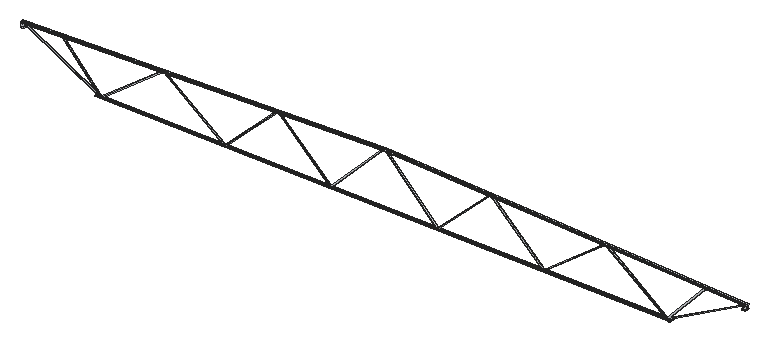
Revit family "M_Caibro de barra com duplo declive série SLH-5 Painéis", category Quadro estrutural, Revit 2019
Family settings
  Arredondamento do comprimento do framing estrutural = 1 mm
  Forma do corte = Não definido
  Material para o comportamento do modelo = Aço
  Exportar sempre como geometria = Sim
  Número OmniClass = 23.25.30.21.14.11
  Título OmniClass = Metal Joists
  ID de item do Seek = SLH-Series Double Pitch Bar Joist-5 Panel-0000-CAN-ENU
  Sempre na vertical = Sim
  Corte com vazios quando carregada = Não
  Representação simbólica = Da família
  Compartilhado = Não
  Exibir o pré-corte da família na vista da planta = Sim
Parameters (values of type "88SLH16")
  Painel variável [instance] = (Length - (Painel final * 2) - ComprimentoPainelInt) / 2  # 5192.5 mm
  Material estrutural = none
  Deslocamento inicial [instance] = 0 mm
  Extensão inicial [instance] = 0 mm
  Ângulo intenso = 2.00°
  LarguraPainelInt [instance] = 2 * Linear  # 4470 mm
  Deslocamento1 = Perna da corda * sin(Ângulo intenso)  # 2.216 mm
  Deslocamento [instance] = (0.5 * Length - (Deslocamento inicial - Extensão inicial)) * tan(Ângulo intenso)  # 532.542 mm
  NumPainel = 5
  M = 69
  Espessura da teia = 25 mm
  Comprimento do assento = 150 mm
  Profundidade do assento = 190 mm
  NumPainelInt [instance] = NumPainel - 2  # 3
  ComprimentoPainelInt [instance] = LarguraPainelInt * NumPainelInt  # 13410 mm
  Altura 2 [instance] = (Painel variável / 2 + LarguraPainelInt / 2) * tan(Ângulo intenso)  # 168.711 mm
  Altura 1 [instance] = LarguraPainelInt * tan(Ângulo intenso)  # 156.096 mm
  Painel final = 1.5 * Linear  # 3352.5 mm
  Deslocamento final [instance] = 0 mm
  Extensão final [instance] = 0 mm
  Perna da corda = 63.5 mm
  Espessura da corda = 12.5 mm
  Deslocamento da mescla [instance] = (Extensão inicial + Comprimento do assento) * tan(Ângulo intenso)  # 5.238 mm
  Assembly Code = ""
  Length [instance] = 30500 mm
  Linear = 2235 mm
Reference planes
  plane 1 "Centro (Frente/Trás)": y = 0
  plane 2: z = 0
  plane 3 "Centro (Esquerda/Direita)": x = 4.61
  plane 4 "Membro esquerdo": x = -6251.39
  plane 5 "Membro direito": x = 6360.61
  plane 6: y = 76
  plane 7: y = -76
  plane 8: z = 1117.5
  plane 9: z = -1117.5
  plane 10 "Esquerda": x = -15245.39
  plane 11 "Símbolo esquerdo de verga": x = -19301.734
  plane 12 "Símbolo direito de verga": x = 19268.331
  plane 13 "Direita": x = 15254.61
  plane 14: z = 927.5
  plane 15: x = -15095.39
  plane 16: x = -11892.89
  plane 17: x = -12092.89
  plane 18: x = 15104.61
  plane 19: x = 11902.11
  plane 20: y = 12.5
  plane 21: y = -12.5
  plane 22: z = 1054
  plane 23: z = -1054
  plane 24: x = 12102.11
  plane 25: x = -13494.14
  plane 26: x = 13503.36
  plane 27: z = -1111.15
  plane 28: z = 1111.15
  plane 29: x = -15245.39
  plane 30: x = 15254.61
  plane 31: x = -15245.39
  plane 32: x = 15254.61
  plane 33: z = 584.958
  plane 34: z = 521.458
  plane 35: x = -6700.39
  plane 36: x = -2230.39
  plane 37: x = 2239.61
  plane 38: x = 6709.61
  plane 39: z = 394.958
  plane 40: z = 961.404
  plane 41: z = 792.693
  plane 42 "Esquerda do símbolo": x = -19301.734
  plane 43: x = -19301.734
  plane 44: x = 19268.331
  plane 45 "Direita do símbolo": x = 19268.331
Forms (mm)
  Extrusion 1, solid, material <- "Material estrutural", detail levels medium+fine
    sketch origin (4.61, 0, 0) x (0, 1, 0) y (0, 0, 1)
      loop
        line (12.5, -1054) -> (12.5, -1117.5) -> (76, -1117.5) -> (76, -1105) -> (25, -1105) -> (25, -1054) -> (12.5, -1054)
      loop
        line (-12.5, -1054) -> (-25, -1054) -> (-25, -1105) -> (-76, -1105) -> (-76, -1117.5) -> (-12.5, -1117.5) -> (-12.5, -1054)
    from -12097.5 to 12097.5
  Sweep 2, solid, material <- "Material estrutural", detail levels fine
    path in 3D
      loop
        line (11902.11, 0, -1111.15) -> (15104.61, 0, 526.696)
    profile "Teia-Perfil : Teia-Perfil" origin (13503.36, 0, -292.227) x (-0.455334, 0, 0.890321) y (0, -1, 0)
      loop
        line (-25.4, 18.85) -> (-25.4, 6.15) -> (25.4, 6.15) -> (25.4, 18.85) -> (-25.4, 18.85)
  Sweep 3, solid, material <- "Material estrutural", detail levels fine
    path in 3D
      loop
        line (13503.36, 0, 582.613) -> (11902.11, 0, -1111.15)
    profile "Teia-Perfil : Teia-Perfil" origin (12702.735, 0, -264.268) x (0.726674, 0, -0.686983) y (0, -1, 0)
      loop
        line (-25.4, 6.35) -> (-25.4, -6.35) -> (25.4, -6.35) -> (25.4, 6.35) -> (-25.4, 6.35)
  Sweep 4, solid, material <- "Material estrutural", detail levels fine
    path in 3D
      loop
        line (-15095.39, 0, 526.696) -> (-11892.89, 0, -1111.15)
    profile "Teia-Perfil : Teia-Perfil" origin (-13494.14, 0, -292.227) x (0.455334, 0, 0.890321) y (0, -1, 0)
      loop
        line (-25.4, 6.35) -> (-25.4, -6.35) -> (25.4, -6.35) -> (25.4, 6.35) -> (-25.4, 6.35)
  Sweep 5, solid, material <- "Material estrutural", detail levels fine
    path in 3D
      loop
        line (-11892.89, 0, -1111.15) -> (-13494.14, 0, 582.613)
    profile "Teia-Perfil : Teia-Perfil" origin (-12693.515, 0, -264.268) x (-0.726674, 0, -0.686983) y (0, -1, 0)
      loop
        line (-25.4, 6.35) -> (-25.4, -6.35) -> (25.4, -6.35) -> (25.4, 6.35) -> (-25.4, 6.35)
  Blend 6, solid, material <- "Material estrutural", detail levels medium+fine
    base sketch origin (-15245.39, -4572, 184.138) x (0, 0, -1) y (0, -1, 0)
      loop
        line (-337.32, -4584.5) -> (-337.32, -4597) -> (-223.32, -4597) -> (-223.32, -4648) -> (-210.82, -4648) -> (-210.82, -4584.5) -> (-337.32, -4584.5)
    top sketch origin (-15245.39, -4572, 184.138) x (0, 0, -1) y (0, -1, 0)
      loop
        line (-223.32, -4597) -> (-223.32, -4648) -> (-210.82, -4648) -> (-210.82, -4584.5) -> (-342.558, -4584.5) -> (-342.558, -4597) -> (-223.32, -4597)
    from 0 to -150
  Blend 7, solid, material <- "Material estrutural", detail levels medium+fine
    base sketch origin (-15245.39, -4572, 184.138) x (0, 0, -1) y (0, -1, 0)
      loop
        line (-400.82, -4584.5) -> (-400.82, -4648) -> (-388.32, -4648) -> (-388.32, -4597) -> (-337.32, -4597) -> (-337.32, -4584.5) -> (-400.82, -4584.5)
    top sketch origin (-15245.39, -4572, 184.138) x (0, 0, -1) y (0, -1, 0)
      loop
        line (-933.362, -4584.5) -> (-933.362, -4648) -> (-920.862, -4648) -> (-920.862, -4597) -> (-869.862, -4597) -> (-869.862, -4584.5) -> (-933.362, -4584.5)
    from 0 to -15250
  Blend 8, solid, material <- "Material estrutural", detail levels medium+fine
    base sketch origin (-15245.39, -4572, 184.138) x (0, 0, -1) y (0, -1, 0)
      loop
        line (-400.82, -4496) -> (-400.82, -4559.5) -> (-337.32, -4559.5) -> (-337.32, -4547) -> (-388.32, -4547) -> (-388.32, -4496) -> (-400.82, -4496)
    top sketch origin (-15245.39, -4572, 184.138) x (0, 0, -1) y (0, -1, 0)
      loop
        line (-933.362, -4559.5) -> (-869.862, -4559.5) -> (-869.862, -4547) -> (-920.862, -4547) -> (-920.862, -4496) -> (-933.362, -4496) -> (-933.362, -4559.5)
    from 0 to -15250
  Blend 9, solid, material <- "Material estrutural", detail levels medium+fine
    base sketch origin (15254.61, -4572, 849.319) x (0, 0, 1) y (0, -1, 0)
      loop
        line (-264.36, -4496) -> (-276.86, -4496) -> (-276.86, -4547) -> (-327.86, -4547) -> (-327.86, -4559.5) -> (-264.36, -4559.5) -> (-264.36, -4496)
    top sketch origin (15254.61, -4572, 849.319) x (0, 0, 1) y (0, -1, 0)
      loop
        line (255.681, -4496) -> (255.681, -4547) -> (204.681, -4547) -> (204.681, -4559.5) -> (268.181, -4559.5) -> (268.181, -4496) -> (255.681, -4496)
    from 0 to -15250
  Blend 10, solid, material <- "Material estrutural", detail levels medium+fine
    base sketch origin (15254.61, -4572, 849.319) x (0, 0, 1) y (0, -1, 0)
      loop
        line (-264.36, -4584.5) -> (-327.86, -4584.5) -> (-327.86, -4597) -> (-276.86, -4597) -> (-276.86, -4648) -> (-264.36, -4648) -> (-264.36, -4584.5)
    top sketch origin (15254.61, -4572, 849.319) x (0, 0, 1) y (0, -1, 0)
      loop
        line (255.681, -4597) -> (255.681, -4648) -> (268.181, -4648) -> (268.181, -4584.5) -> (204.681, -4584.5) -> (204.681, -4597) -> (255.681, -4597)
    from 0 to -15250
  Blend 11, solid, material <- "Material estrutural", detail levels medium+fine
    base sketch origin (-15245.39, -4572, 184.138) x (0, 0, -1) y (0, -1, 0)
      loop
        line (-337.32, -4559.5) -> (-210.82, -4559.5) -> (-210.82, -4496) -> (-223.32, -4496) -> (-223.32, -4547) -> (-337.32, -4547) -> (-337.32, -4559.5)
    top sketch origin (-15245.39, -4572, 184.138) x (0, 0, -1) y (0, -1, 0)
      loop
        line (-223.32, -4547) -> (-342.558, -4547) -> (-342.558, -4559.5) -> (-210.82, -4559.5) -> (-210.82, -4496) -> (-223.32, -4496) -> (-223.32, -4547)
    from 0 to -150
  Blend 12, solid, material <- "Material estrutural", detail levels medium+fine
    base sketch origin (15254.61, -4572, 849.319) x (0, 0, 1) y (0, -1, 0)
      loop
        line (-441.86, -4547) -> (-441.86, -4496) -> (-454.36, -4496) -> (-454.36, -4559.5) -> (-327.86, -4559.5) -> (-327.86, -4547) -> (-441.86, -4547)
    top sketch origin (15254.61, -4572, 849.319) x (0, 0, 1) y (0, -1, 0)
      loop
        line (-322.622, -4559.5) -> (-322.622, -4547) -> (-441.86, -4547) -> (-441.86, -4496) -> (-454.36, -4496) -> (-454.36, -4559.5) -> (-322.622, -4559.5)
    from 0 to -150
  Blend 13, solid, material <- "Material estrutural", detail levels medium+fine
    base sketch origin (15254.61, -4572, 849.319) x (0, 0, 1) y (0, -1, 0)
      loop
        line (-327.86, -4584.5) -> (-454.36, -4584.5) -> (-454.36, -4648) -> (-441.86, -4648) -> (-441.86, -4597) -> (-327.86, -4597) -> (-327.86, -4584.5)
    top sketch origin (15254.61, -4572, 849.319) x (0, 0, 1) y (0, -1, 0)
      loop
        line (-322.622, -4597) -> (-322.622, -4584.5) -> (-454.36, -4584.5) -> (-454.36, -4648) -> (-441.86, -4648) -> (-441.86, -4597) -> (-322.622, -4597)
    from 0 to -150
Cuts and joins
  joined: Blend 8, Blend 9
  joined: Blend 7, Blend 10
Lines and regions (mm)
  symbolic lines, style "StructuralFraming", detail levels coarse
    curve 1: line (0, 76, 1117.5) -> (0, 12.5, 1117.5)
    curve 2: line (0, -76, -1117.5) -> (0, -12.5, -1117.5)
    curve 14: line (0, 12.5, -1117.5) -> (0, 76, -1117.5)
    curve 15: line (4.61, 12.5, -1117.5) -> (4.61, 12.5, -1054)
    curve 16: line (4.61, -12.5, -1117.5) -> (4.61, -12.5, -1054)
    curve 17: line (4.61, -12.5, 1117.5) -> (4.61, -12.5, 1054)
    curve 18: line (4.61, 12.5, 1117.5) -> (4.61, 12.5, 1054)
    curve 19: line (0, -12.5, 1117.5) -> (0, -76, 1117.5)
  symbolic lines, style "StructuralFraming", detail levels coarse+medium
    curve 3: line (0, 0, -1117.5) -> (0, 0, 1117.5)
  reference lines
    curve 4: line (-19151.734, 0, -1241.008) -> (-19151.734, 0, 1197.192)
    curve 5: line (-15799.234, 0, -1247.358) -> (-15799.234, 0, 1197.192)
    curve 6: line (19118.331, 0, -1188.088) -> (19118.331, 0, 1199.312)
    curve 7: line (15765.831, 0, -1315.088) -> (15765.831, 0, 1199.312)
    curve 30: line (4.61, 0, 1117.5) -> (-55.353, 0, 1119.594)
    curve 31: line (4.61, 0, 1117.5) -> (52.104, 0, 1119.159)
  model lines, style "Caibro da teia", detail levels coarse
    curve 8: line (15765.831, 0, -1117.5) -> (-15799.234, 0, -1117.5)
    curve 9: line (19268.331, 0, 444.796) -> (4.61, 0, 1117.5)
    curve 24: line (-15799.234, 0, -1117.5) -> (-19151.734, 0, 448.546)
    curve 25: line (15765.831, 0, -1117.5) -> (19118.331, 0, 450.034)
    curve 32: line (4.61, 0, 1117.5) -> (-19301.734, 0, 443.308)
  model lines, style "StructuralFraming", detail levels medium
    curve 10: line (-11892.89, 0, -1111.15) -> (-13494.14, 0, 582.613)
    curve 11: line (-15095.39, 0, 526.696) -> (-11892.89, 0, -1111.15)
    curve 12: line (13503.36, 0, 582.613) -> (11902.11, 0, -1111.15)
    curve 13: line (11902.11, 0, -1111.15) -> (15104.61, 0, 526.696)
  sketch lines
    curve 20: line (11902.11, 0, -1111.15) -> (15104.61, 0, 526.696)
    curve 21: line (13503.36, 0, 582.613) -> (11902.11, 0, -1111.15)
    curve 22: line (-15095.39, 0, 526.696) -> (-11892.89, 0, -1111.15)
    curve 23: line (-11892.89, 0, -1111.15) -> (-13494.14, 0, 582.613)
  symbolic lines, detail levels fine
    curve 26: line (4.61, 12.5, -1111.15) -> (4.61, -12.5, -1111.15)
    curve 27: line (4.61, 12.5, -1054) -> (4.61, 12.5, 1054)
    curve 28: line (4.61, 12.5, 1111.15) -> (4.61, -12.5, 1111.15)
    curve 29: line (4.61, -12.5, -1054) -> (4.61, -12.5, 1054)
Dimensions and locks
  equal spacing: plane 9, plane 2, plane 8
  "Length": plane 10 "Esquerda" to plane 13 "Direita"
  equal spacing: plane 10 "Esquerda", plane 3 "Centro (Esquerda/Direita)", plane 13 "Direita"
  "Painel final": curve 5 to curve 4
  "Painel final": curve 6 to curve 7
  "Linear": plane 9 to plane 8
  "Profundidade do assento": plane 8 to plane 14
  locked: plane 17 to plane 16 at 200
  "Painel final": plane 13 "Direita" to plane 19
  "Espessura da teia": plane 20 to plane 21
  equal spacing: plane 20, plane 1 "Centro (Frente/Trás)", plane 21
  "Perna da corda": plane 21 to plane 7
  "Perna da corda": plane 6 to plane 20
  "Perna da corda": plane 9 to plane 23
  "Perna da corda": plane 22 to plane 8
  "Espessura da corda": plane 9 to Extrusion 1 sketch curve  (x2)
  "Espessura da corda": Extrusion 1 sketch curve to plane 20
  "Espessura da corda": plane 21 to Extrusion 1 sketch curve
  locked: plane 19 to plane 24 at 200
  locked: plane 27 to plane 9 at 6.35
  locked: plane 8 to plane 28 at 6.35
  equal spacing: plane 16, plane 25, plane 15
  equal spacing: plane 18, plane 26, plane 19
  "Extensão inicial": plane 29 to plane 31
  "Comprimento do assento": plane 31 to plane 15
  "Deslocamento inicial": plane 10 "Esquerda" to plane 31
  "Deslocamento final": plane 32 to plane 13 "Direita"
  "Comprimento do assento": plane 18 to plane 32
  "Extensão final": plane 30 to plane 32
  "Deslocamento": plane 8 to plane 33
  "Perna da corda": plane 33 to plane 34
  locked: level to plane 2 at 0
  "Painel final": plane 10 "Esquerda" to plane 16
  "Espessura da corda": Blend 7 sketch curve to Blend 7 sketch curve  (x4)
  "Espessura da corda": Blend 8 sketch curve to Blend 8 sketch curve  (x4)
  "Profundidade do assento": plane 33 to plane 39
  "Espessura da corda": Blend 6 sketch curve to Blend 6 sketch curve  (x4)
  "Deslocamento da mescla": Blend 6 sketch curve to plane 34
  "Espessura da corda": Blend 11 sketch curve to Blend 11 sketch curve  (x2)
  "Deslocamento da mescla": plane 34 to Blend 11 sketch curve
  "Altura 1": plane 8 to plane 40
  "Altura 2": plane 40 to plane 41
  equal spacing: plane 38, plane 37, plane 36, plane 35
  "Painel variável": plane 16 to plane 35
  "Painel variável": plane 19 to plane 38
  "Comprimento do assento": curve 4 to plane 43
  "Extensão inicial": plane 43 to plane 42 "Esquerda do símbolo"
  "Deslocamento inicial": plane 43 to plane 11 "Símbolo esquerdo de verga"
  "Comprimento do assento": plane 44 to curve 6
  "Extensão final": plane 45 "Direita do símbolo" to plane 44
  "Deslocamento final": plane 12 "Símbolo direito de verga" to plane 44
  "Ângulo intenso": angle curve 30 to plane 8
  "Ângulo intenso": angle plane 8 to curve 31
  aligned and locked: curve 8 to plane 9
  aligned and locked: curve 5 to curve 8
  aligned and locked: plane 9 to Extrusion 1 sketch curve
  aligned and locked: Extrusion 1 sketch curve to plane 9
  aligned and locked: Extrusion 1 sketch curve to plane 6
  aligned and locked: Extrusion 1 sketch curve to plane 7
  aligned and locked: plane 20 to Extrusion 1 sketch curve
  aligned and locked: plane 21 to Extrusion 1 sketch curve
  aligned and locked: Extrusion 1 sketch curve to plane 23
  aligned and locked: plane 23 to Extrusion 1 sketch curve
  aligned and locked: Extrusion 1 to plane 24
  aligned and locked: plane 17 to Extrusion 1
  aligned and locked: Extrusion 1 to curve 15
  aligned and locked: curve 15 to Extrusion 1
  aligned and locked: curve 2 to curve 16
  aligned and locked: curve 16 to Extrusion 1
  aligned and locked: plane 8 to curve 30
  aligned and locked: plane 3 "Centro (Esquerda/Direita)" to curve 31
  aligned and locked: plane 15 to Blend 6
  aligned and locked: plane 29 to Blend 6
  aligned and locked: plane 33 to Blend 7 sketch curve
  aligned and locked: plane 20 to Blend 7 sketch curve  (x2)
  aligned and locked: Blend 7 sketch curve to plane 34
  aligned and locked: plane 6 to Blend 7 sketch curve
  aligned and locked: plane 22 to Blend 7 sketch curve
  aligned and locked: Blend 7 sketch curve to plane 6
  aligned and locked: Blend 7 sketch curve to plane 8
  aligned and locked: plane 3 "Centro (Esquerda/Direita)" to Blend 7
  aligned and locked: plane 29 to Blend 7
  aligned and locked: Blend 8 sketch curve to plane 7  (x2)
  aligned and locked: plane 33 to Blend 8 sketch curve
  aligned and locked: Blend 8 sketch curve to plane 21
  aligned and locked: Blend 8 sketch curve to plane 34
  aligned and locked: plane 8 to Blend 8 sketch curve
  aligned and locked: plane 21 to Blend 8 sketch curve
  aligned and locked: Blend 8 sketch curve to plane 22
  aligned and locked: plane 3 "Centro (Esquerda/Direita)" to Blend 8
  aligned and locked: plane 29 to Blend 8
  aligned and locked: Blend 9 sketch curve to Blend 8  (x11)
  aligned and locked: Blend 8 to Blend 9 sketch curve
  aligned and locked: Blend 9 to plane 3 "Centro (Esquerda/Direita)"
  aligned and locked: plane 30 to Blend 9
  aligned and locked: Blend 10 sketch curve to Blend 7  (x10)
  aligned and locked: Blend 7 to Blend 10 sketch curve  (x2)
  aligned and locked: Blend 10 to plane 3 "Centro (Esquerda/Direita)"
  aligned and locked: plane 30 to cut or joined group of Blend 8, Blend 9
  aligned and locked: plane 30 to Blend 10
  aligned and locked: plane 34 to Blend 6 sketch curve
  aligned and locked: plane 6 to Blend 6 sketch curve  (x2)
  aligned and locked: Blend 6 sketch curve to plane 39  (x2)
  aligned and locked: plane 20 to Blend 6 sketch curve  (x2)
  aligned and locked: plane 7 to Blend 11 sketch curve
  aligned and locked: plane 39 to Blend 11 sketch curve
  aligned and locked: plane 21 to Blend 11 sketch curve
  aligned and locked: Blend 11 sketch curve to plane 34
  aligned and locked: Blend 11 sketch curve to var sketch  (x5)
  aligned and locked: plane 15 to Blend 11
  aligned and locked: plane 29 to Blend 11
  aligned and locked: Blend 11 to plane 29
  aligned and locked: Blend 11 to plane 15
  aligned and locked: Blend 12 sketch curve to Blend 11  (x10)
  aligned and locked: Blend 11 to Blend 12 sketch curve
  aligned and locked: plane 34 to Blend 12 sketch curve
  aligned and locked: Blend 13 sketch curve to Blend 6  (x12)
  aligned and locked: Blend 12 to plane 18
  aligned and locked: Blend 13 to plane 18
  aligned and locked: plane 30 to Blend 12
  aligned and locked: plane 30 to Blend 13
  aligned and locked: nested 1 to plane 1 "Centro (Frente/Trás)"
  aligned and locked: nested 2 to plane 1 "Centro (Frente/Trás)"
  aligned and locked: plane 1 "Centro (Frente/Trás)" to nested 3
  aligned and locked: plane 36 to nested 3
  aligned and locked: nested 3 to plane 8
  aligned and locked: nested 1 to plane 16
  aligned and locked: plane 15 to curve 11
  aligned and locked: cut or joined group of Blend 8, Blend 9 to curve 11
  aligned and locked: plane 25 to curve 10
  aligned and locked: cut or joined group of Blend 8, Blend 9 to curve 10
  aligned and locked: plane 16 to curve 10
  aligned and locked: plane 27 to curve 10
  aligned and locked: plane 26 to curve 12
  aligned and locked: cut or joined group of Blend 8, Blend 9 to curve 12
  aligned and locked: plane 19 to curve 12
  aligned and locked: plane 18 to curve 13
  aligned and locked: cut or joined group of Blend 8, Blend 9 to curve 13
  aligned and locked: curve 13 to plane 27
  aligned and locked: curve 9 to curve 30
  aligned and locked: curve 32 to curve 31
  aligned and locked: curve 24 to plane 9
  aligned and locked: curve 7 to curve 25
  aligned and locked: plane 9 to nested 1
  aligned and locked: plane 9 to nested 2
  aligned and locked: curve 4 to curve 24
  aligned and locked: curve 6 to curve 25
  aligned and locked: plane 1 "Centro (Frente/Trás)" to nested 4
  aligned and locked: nested 5 to plane 1 "Centro (Frente/Trás)"
  aligned and locked: plane 35 to nested 4
  aligned and locked: nested 4 to plane 40
  aligned and locked: plane 9 to nested 4
  aligned and locked: plane 37 to nested 5
  aligned and locked: nested 5 to plane 40
  aligned and locked: plane 9 to nested 5
  aligned and locked: plane 38 to nested 2
  aligned and locked: nested 1 to plane 41
  aligned and locked: nested 2 to plane 41
  aligned and locked: plane 42 "Esquerda do símbolo" to curve 32
  aligned and locked: plane 45 "Direita do símbolo" to curve 9
Automatic sketch dimensions
  curve 2 to plane 7 = 0 mm
  curve 2 to plane 9 = 0 mm
  curve 2 to plane 21 = 0 mm
  curve 3 to plane 1 "Centro (Frente/Trás)" = 0 mm
  curve 3 to plane 9 = 0 mm
  curve 26 to plane 27 = 0 mm
  curve 29 to plane 23 = 0 mm
  curve 15 to plane 23 = 0 mm
  curve 17 to plane 22 = 0 mm
  curve 27 to plane 22 = 0 mm
  curve 28 to plane 28 = 0 mm
  curve 3 to plane 8 = 0 mm
  curve 18 to plane 8 = 0 mm
  curve 17 to plane 8 = 0 mm
  plane 9 to curve 6 = 70.588 mm
  plane 9 to curve 4 = 123.508 mm
  plane 9 to curve 5 = 129.858 mm
  plane 9 to curve 7 = 197.588 mm
  curve 5 to plane 8 = 79.692 mm
  curve 4 to plane 8 = 79.692 mm
  curve 7 to plane 8 = 81.812 mm
  curve 6 to plane 8 = 81.812 mm
  curve 14 to plane 6 = 0 mm
  curve 1 to plane 6 = 0 mm
  curve 14 to plane 9 = 0 mm
  curve 14 to plane 20 = 0 mm
  curve 1 to plane 8 = 0 mm
  curve 1 to plane 20 = 0 mm
  curve 19 to plane 8 = 0 mm
  curve 19 to plane 21 = 0 mm
  curve 19 to plane 7 = 0 mm
Nested families
  nested 1: "Teia angular-Variável" at (-11892.89, 0, -162.403), LarguraPainel <- "Painel variável", type "Teia angular-Variável"
    with LarguraPainel 5192.5 mm, AlturaPainel 1910.193 mm
  nested 2: "Teia angular-Variável" at (11902.11, 0, -162.403) x (-1, 0, 0) z (0, 0, 1), LarguraPainel <- "Painel variável", type "Teia angular-Variável"
    with LarguraPainel 5192.5 mm, AlturaPainel 1910.193 mm
  nested 3: "Teia angular-Centro" at (-2230.39, 0, 0.386), AlturaPainel <- "Linear", type "Teia angular-Centro"
    with AlturaPainel 2235 mm
  nested 4: "Teia angular" at (-6700.39, 0, -78.048), type "Teia angular"
    with AlturaPainel 2078.904 mm
  nested 5: "Teia angular" at (6709.61, 0, -78.048) x (-1, 0, 0) z (0, 0, 1), type "Teia angular"
    with AlturaPainel 2078.904 mm
Definition of nested family "Teia angular-Variável"
  Parameters
    MaterialTeia = none
    Espessura da teia = Espessura / 2  # 12.5 mm
    Deslocamento da teia = Perna da teia / 2  # 25.4 mm
    Perna da teia = 50.8 mm
    Deslocamento da espessura = Espessura / cos(Ângulo intenso)  # 25.015 mm
    Espessura = 25 mm
    Ângulo intenso = 2.00°
    AlturaPainel [instance] = 1320.998 mm
    LarguraPainel [instance] = 1948.557 mm
    Distância = Deslocamento da teia * cos(Ângulo intenso)  # 25.385 mm
    Assembly Code = ""
  Reference planes
    plane 1 "Centro (Frente/Trás)": y = 0
    plane 2: z = 0
    plane 3 "Centro (Esquerda/Direita)": x = 0
    plane 4: x = 1948.557
    plane 5: x = 974.279
    plane 6: z = -660.499
    plane 7: z = -635.099
    plane 8: z = 635.484
    plane 9: z = 660.499
    plane 10: y = -12.5
    plane 11: y = 12.5
    plane 12: z = 596.999
    plane 13: z = -596.999
  Forms (mm)
    Sweep 1, solid, material <- "MaterialTeia", detail levels fine
      path in 3D
        loop
          line (-0.001, 0, -635.099) -> (25.4, 0, -635.099) -> (948.894, 0, 634.598) -> (999.663, 0, 636.37)
      profile origin (12.7, 0, -635.099) x (0, 0, 1) y (0, -1, 0)
        loop
          line (25.4, 0) -> (25.4, 12.5) -> (-25.4, 12.5) -> (-25.4, 0) -> (25.4, 0)
    Sweep 2, solid, material <- "MaterialTeia", detail levels fine
      path in 3D
        loop
          line (1948.556, 0, -635.099) -> (1923.157, 0, -635.099) -> (999.663, 0, 636.37) -> (948.894, 0, 634.598)
      profile origin (1935.857, 0, -635.099) x (0, 0, -1) y (0, -1, 0)
        loop
          line (-25.4, -12.5) -> (25.4, -12.5) -> (25.4, 0) -> (-25.4, 0) -> (-25.4, -12.5)
    Sweep 3, solid, material <- "MaterialTeia", detail levels fine
      path in 3D
        loop
          line (91.156, -12.5, -587.875) -> (951.589, -12.5, 595.12)
      profile origin (521.372, -12.5, 3.623) x (-0.808712, 0, 0.588204) y (0, -1, 0)
        loop
          line (0, 0) -> (12.5, 0) -> (12.5, 38.3) -> (0, 38.3) -> (0, 0)
    Sweep 4, solid, material <- "MaterialTeia", detail levels fine
      path in 3D
        loop
          line (1857.439, 12.5, -587.84) -> (997.605, 12.5, 595.983)
      profile origin (1427.522, 12.5, 4.071) x (0.809103, 0, 0.587667) y (0, 1, 0)
        loop
          line (0, 0) -> (12.5, 0) -> (12.5, 38.3) -> (0, 38.3) -> (0, 0)
  Cuts and joins
    joined: Sweep 1, Sweep 3
    joined: Sweep 2, Sweep 4
  Lines and regions (mm)
    model lines, detail levels medium+fine
      curve 1: line (-0.001, 0, -660.499) -> (-0.001, 0, 626.477)
      curve 2: line (1948.556, 0, 694.522) -> (1948.556, 0, -660.499)
      curve 3: line (1948.556, 0, -660.499) -> (-0.001, 0, -660.499)
      curve 18: line (974.279, 0, 660.499) -> (-0.001, 0, 626.477)
      curve 19: line (974.279, 0, 660.499) -> (1948.556, 0, 694.522)
    model lines, detail levels medium
      curve 4: line (948.894, 0, 634.598) -> (999.663, 0, 636.37)
      curve 5: line (-0.001, 0, -635.099) -> (25.4, 0, -635.099)
      curve 6: line (1948.556, 0, -635.099) -> (1923.157, 0, -635.099)
      curve 7: line (25.4, 0, -635.099) -> (948.894, 0, 634.598)
      curve 8: line (999.663, 0, 636.37) -> (1923.157, 0, -635.099)
    sketch lines
      curve 9: line (-0.001, 0, -635.099) -> (25.4, 0, -635.099)
      curve 10: line (25.4, 0, -635.099) -> (948.894, 0, 634.598)
      curve 11: line (948.894, 0, 634.598) -> (999.663, 0, 636.37)
      curve 12: line (1948.556, 0, -635.099) -> (1923.157, 0, -635.099)
      curve 13: line (999.663, 0, 636.37) -> (1923.157, 0, -635.099)
      curve 14: line (948.894, 0, 634.598) -> (999.663, 0, 636.37)
      curve 15: line (91.156, -12.5, -587.875) -> (951.589, -12.5, 595.12)
      curve 16: line (1857.439, 12.5, -587.84) -> (997.605, 12.5, 595.983)
    reference lines
      curve 17: line (974.279, 0, 635.484) -> (1107.547, 0, 640.138)
  Dimensions and locks
    "LarguraPainel": plane 4 to plane 3 "Centro (Esquerda/Direita)"
    equal spacing: plane 4, plane 5, plane 3 "Centro (Esquerda/Direita)"
    plane 7 to plane 6 = 25.4 mm
    "Deslocamento da espessura": plane 9 to plane 8
    "AlturaPainel": plane 9 to plane 6
    equal spacing: plane 9, plane 2, plane 6
    "Espessura": plane 11 to plane 10
    equal spacing: plane 11, plane 1 "Centro (Frente/Trás)", plane 10
    locked: plane 9 to plane 12 at 63.5
    plane 13 to plane 6 = 63.5 mm
    "Deslocamento da teia": plane 7 to plane 6
    "Deslocamento da teia": curve 5 to plane 3 "Centro (Esquerda/Direita)"
    "Deslocamento da teia": curve 6 to plane 4
    "Distância": plane 5 to curve 4
    "Distância": curve 4 to plane 5
    "Perna da teia": Sweep 1 sketch curve to Sweep 1 sketch curve
    equal spacing: Sweep 1 sketch curve, plane 7, Sweep 1 sketch curve
    equal spacing: Sweep 2 sketch curve, profile plane, Sweep 2 sketch curve
    "Perna da teia": Sweep 2 sketch curve to Sweep 2 sketch curve
    "Perna da teia": plane 1 "Centro (Frente/Trás)" to Sweep 3 sketch curve
    "Espessura da teia": Sweep 3 sketch curve to Sweep 3 sketch curve
    "Perna da teia": plane 1 "Centro (Frente/Trás)" to Sweep 4 sketch curve
    "Espessura da teia": Sweep 4 sketch curve to Sweep 4 sketch curve
    "Ângulo intenso": angle plane 8 to curve 17
    "Ângulo intenso": angle plane 9 to curve 18
    "Ângulo intenso": angle plane 9 to curve 19
    aligned and locked: curve 6 to plane 7
    aligned and locked: plane 7 to curve 5
    aligned and locked: plane 10 to Sweep 1 sketch curve
    aligned and locked: Sweep 1 sketch curve to plane 1 "Centro (Frente/Trás)"
    aligned and locked: Sweep 2 sketch curve to plane 11
    aligned and locked: profile plane to Sweep 2 sketch curve
    aligned and locked: Sweep 1 to curve 15
    aligned and locked: Sweep 3 sketch curve to profile plane
    aligned and locked: plane 10 to Sweep 3 sketch curve
    aligned and locked: plane 11 to Sweep 4 sketch curve
    aligned and locked: profile plane to Sweep 4 sketch curve
    aligned and locked: curve 17 to plane 5
    aligned and locked: plane 8 to curve 17
    aligned and locked: curve 4 to curve 17
    aligned and locked: plane 9 to curve 18
    aligned and locked: curve 19 to plane 5
  Automatic sketch dimensions
    curve 2 to plane 6 = 0 mm
    plane 4 to curve 2 = 0.001 mm
    curve 5 to plane 3 "Centro (Esquerda/Direita)" = 0.001 mm
Definition of nested family "Teia angular-Centro"
  Parameters
    MaterialTeia = none
    Espessura da teia = Espessura / 2  # 12.5 mm
    Deslocamento da teia = Perna da teia / 2  # 25.4 mm
    Perna da teia = 50.8 mm
    Deslocamento da espessura = Espessura / cos(Ângulo intenso)  # 25.015 mm
    Espessura = 25 mm
    Ângulo intenso = 2.00°
    AlturaPainel [instance] = 1320.998 mm
    LarguraPainel = 4470 mm
    Distância = Deslocamento da teia * cos(Ângulo intenso)  # 25.385 mm
    Assembly Code = ""
  Reference planes
    plane 1 "Centro (Frente/Trás)": y = 0
    plane 2: z = -0.386
    plane 3 "Centro (Esquerda/Direita)": x = 0
    plane 4: x = 4470
    plane 5: x = 2235
    plane 6: z = -660.885
    plane 7: z = -635.485
    plane 8: z = 635.114
    plane 9: z = 660.114
    plane 10: y = -12.5
    plane 11: y = 12.5
    plane 12: z = 596.614
    plane 13: z = -596.999
  Forms (mm)
    Sweep 1, solid, material <- "MaterialTeia", detail levels fine
      path in 3D
        loop
          line (-0.001, 0, -635.485) -> (25.4, 0, -635.485) -> (2209.6, 0, 635.114) -> (2260.4, 0, 635.114)
      profile origin (12.7, 0, -635.485) x (0, 0, 1) y (0, -1, 0)
        loop
          line (25.4, 0) -> (25.4, 12.5) -> (-25.4, 12.5) -> (-25.4, 0) -> (25.4, 0)
    Sweep 2, solid, material <- "MaterialTeia", detail levels fine
      path in 3D
        loop
          line (4469.999, 0, -635.485) -> (4444.6, 0, -635.485) -> (2260.4, 0, 635.114) -> (2209.6, 0, 635.114)
      profile origin (4457.3, 0, -635.485) x (0, 0, -1) y (0, -1, 0)
        loop
          line (-25.4, -12.5) -> (25.4, -12.5) -> (25.4, 0) -> (-25.4, 0) -> (-25.4, -12.5)
    Sweep 3, solid, material <- "MaterialTeia", detail levels fine
      path in 3D
        loop
          line (109.874, -12.5, -615.729) -> (2200.926, -12.5, 600.682)
      profile origin (1155.4, -12.5, -7.523) x (-0.502832, 0, 0.864384) y (0, -1, 0)
        loop
          line (0, 0) -> (12.5, 0) -> (12.5, 38.3) -> (0, 38.3) -> (0, 0)
    Sweep 4, solid, material <- "MaterialTeia", detail levels fine
      path in 3D
        loop
          line (4360.126, 12.5, -615.729) -> (2269.074, 12.5, 600.682)
      profile origin (3314.6, 12.5, -7.523) x (0.502832, 0, 0.864384) y (0, 1, 0)
        loop
          line (0, 0) -> (12.5, 0) -> (12.5, 38.3) -> (0, 38.3) -> (0, 0)
  Cuts and joins
    joined: Sweep 1, Sweep 3
    joined: Sweep 2, Sweep 4
  Lines and regions (mm)
    model lines, detail levels medium+fine
      curve 1: line (-0.001, 0, -660.885) -> (-0.001, 0, 582.066)
      curve 2: line (4469.999, 0, 582.066) -> (4469.999, 0, -660.885)
      curve 3: line (4469.999, 0, -660.885) -> (-0.001, 0, -660.885)
      curve 17: line (2235, 0, 660.114) -> (-0.001, 0, 582.066)
      curve 18: line (2235, 0, 660.114) -> (4469.999, 0, 582.066)
    model lines, detail levels medium
      curve 4: line (2209.6, 0, 635.114) -> (2260.4, 0, 635.114)
      curve 5: line (-0.001, 0, -635.485) -> (25.4, 0, -635.485)
      curve 6: line (4469.999, 0, -635.485) -> (4444.6, 0, -635.485)
      curve 7: line (25.4, 0, -635.485) -> (2209.6, 0, 635.114)
      curve 8: line (2260.4, 0, 635.114) -> (4444.6, 0, -635.485)
    sketch lines
      curve 9: line (-0.001, 0, -635.485) -> (25.4, 0, -635.485)
      curve 10: line (25.4, 0, -635.485) -> (2209.6, 0, 635.114)
      curve 11: line (2209.6, 0, 635.114) -> (2260.4, 0, 635.114)
      curve 12: line (4469.999, 0, -635.485) -> (4444.6, 0, -635.485)
      curve 13: line (2260.4, 0, 635.114) -> (4444.6, 0, -635.485)
      curve 14: line (2209.6, 0, 635.114) -> (2260.4, 0, 635.114)
      curve 15: line (109.874, -12.5, -615.729) -> (2200.926, -12.5, 600.682)
      curve 16: line (4360.126, 12.5, -615.729) -> (2269.074, 12.5, 600.682)
  Dimensions and locks
    "LarguraPainel": plane 4 to plane 3 "Centro (Esquerda/Direita)"
    equal spacing: plane 4, plane 5, plane 3 "Centro (Esquerda/Direita)"
    plane 7 to plane 6 = 25.4 mm
    "Espessura": plane 9 to plane 8
    "AlturaPainel": plane 9 to plane 6
    equal spacing: plane 9, plane 2, plane 6
    "Espessura": plane 11 to plane 10
    equal spacing: plane 11, plane 1 "Centro (Frente/Trás)", plane 10
    locked: plane 9 to plane 12 at 63.5
    plane 13 to plane 6 = 63.886 mm
    "Deslocamento da teia": plane 7 to plane 6
    "Deslocamento da teia": curve 5 to plane 3 "Centro (Esquerda/Direita)"
    "Deslocamento da teia": curve 6 to plane 4
    "Perna da teia": Sweep 1 sketch curve to Sweep 1 sketch curve
    equal spacing: Sweep 1 sketch curve, plane 7, Sweep 1 sketch curve
    equal spacing: Sweep 2 sketch curve, profile plane, Sweep 2 sketch curve
    "Perna da teia": Sweep 2 sketch curve to Sweep 2 sketch curve
    "Perna da teia": plane 1 "Centro (Frente/Trás)" to Sweep 3 sketch curve
    "Espessura da teia": Sweep 3 sketch curve to Sweep 3 sketch curve
    "Perna da teia": plane 1 "Centro (Frente/Trás)" to Sweep 4 sketch curve
    "Espessura da teia": Sweep 4 sketch curve to Sweep 4 sketch curve
    equal spacing: curve 4, plane 5, curve 4
    "Deslocamento da teia": curve 4 to plane 5
    "Ângulo intenso": angle plane 9 to curve 17
    "Ângulo intenso": angle curve 18 to plane 9
    aligned and locked: curve 6 to plane 7
    aligned and locked: plane 7 to curve 5
    aligned and locked: plane 10 to Sweep 1 sketch curve
    aligned and locked: Sweep 1 sketch curve to plane 1 "Centro (Frente/Trás)"
    aligned and locked: Sweep 2 sketch curve to plane 11
    aligned and locked: profile plane to Sweep 2 sketch curve
    aligned and locked: Sweep 1 to curve 15
    aligned and locked: Sweep 3 sketch curve to profile plane
    aligned and locked: plane 10 to Sweep 3 sketch curve
    aligned and locked: plane 11 to Sweep 4 sketch curve
    aligned and locked: profile plane to Sweep 4 sketch curve
    aligned and locked: curve 17 to plane 9
    aligned and locked: curve 18 to plane 5
  Automatic sketch dimensions
    curve 3 to plane 6 = 0 mm
    curve 1 to plane 3 "Centro (Esquerda/Direita)" = 0.001 mm
    plane 4 to curve 3 = 0.001 mm
    plane 8 to curve 7 = 0 mm
Definition of nested family "Teia angular"
  Parameters
    MaterialTeia = none
    Espessura da teia = Espessura / 2  # 12.5 mm
    Deslocamento da teia = Perna da teia / 2  # 25.4 mm
    Perna da teia = 50.8 mm
    Deslocamento da espessura = Espessura / cos(Ângulo intenso)  # 25.015 mm
    Espessura = 25 mm
    Ângulo intenso = 2.00°
    AlturaPainel [instance] = 1320.998 mm
    LarguraPainel = 4470 mm
    Distância = Deslocamento da teia * cos(Ângulo intenso)  # 25.385 mm
    Assembly Code = ""
  Reference planes
    plane 1 "Centro (Frente/Trás)": y = 0
    plane 2: z = 0
    plane 3 "Centro (Esquerda/Direita)": x = 0
    plane 4: x = 4470
    plane 5: x = 2235
    plane 6: z = -660.499
    plane 7: z = -635.099
    plane 8: z = 635.484
    plane 9: z = 660.499
    plane 10: y = -12.5
    plane 11: y = 12.5
    plane 12: z = 596.999
    plane 13: z = -596.999
  Forms (mm)
    Sweep 1, solid, material <- "MaterialTeia", detail levels fine
      path in 3D
        loop
          line (-0.001, 0, -635.099) -> (25.4, 0, -635.099) -> (2209.615, 0, 634.598) -> (2260.385, 0, 636.37)
      profile origin (12.7, 0, -635.099) x (0, 0, 1) y (0, -1, 0)
        loop
          line (25.4, 0) -> (25.4, 12.5) -> (-25.4, 12.5) -> (-25.4, 0) -> (25.4, 0)
    Sweep 2, solid, material <- "MaterialTeia", detail levels fine
      path in 3D
        loop
          line (4469.999, 0, -635.099) -> (4444.6, 0, -635.099) -> (2260.385, 0, 636.37) -> (2209.615, 0, 634.598)
      profile origin (4457.3, 0, -635.099) x (0, 0, -1) y (0, -1, 0)
        loop
          line (-25.4, -12.5) -> (25.4, -12.5) -> (25.4, 0) -> (-25.4, 0) -> (-25.4, -12.5)
    Sweep 3, solid, material <- "MaterialTeia", detail levels fine
      path in 3D
        loop
          line (109.884, -12.5, -615.368) -> (2201.343, -12.5, 600.409)
      profile origin (1155.614, -12.5, -7.479) x (-0.502562, 0, 0.864541) y (0, -1, 0)
        loop
          line (0, 0) -> (12.5, 0) -> (12.5, 38.3) -> (0, 38.3) -> (0, 0)
    Sweep 4, solid, material <- "MaterialTeia", detail levels fine
      path in 3D
        loop
          line (4360.135, 12.5, -615.321) -> (2269.465, 12.5, 601.694)
      profile origin (3314.8, 12.5, -6.813) x (0.503087, 0, 0.864236) y (0, 1, 0)
        loop
          line (0, 0) -> (12.5, 0) -> (12.5, 38.3) -> (0, 38.3) -> (0, 0)
  Cuts and joins
    joined: Sweep 1, Sweep 3
    joined: Sweep 2, Sweep 4
  Lines and regions (mm)
    model lines, detail levels medium+fine
      curve 1: line (-0.001, 0, -660.499) -> (-0.001, 0, 582.451)
      curve 2: line (4469.999, 0, 738.547) -> (4469.999, 0, -660.499)
      curve 3: line (4469.999, 0, -660.499) -> (-0.001, 0, -660.499)
      curve 18: line (2235, 0, 660.499) -> (-0.001, 0, 582.451)
      curve 19: line (2235, 0, 660.499) -> (4469.999, 0, 738.547)
    model lines, detail levels medium
      curve 4: line (2209.615, 0, 634.598) -> (2260.385, 0, 636.37)
      curve 5: line (-0.001, 0, -635.099) -> (25.4, 0, -635.099)
      curve 6: line (4469.999, 0, -635.099) -> (4444.6, 0, -635.099)
      curve 7: line (25.4, 0, -635.099) -> (2209.615, 0, 634.598)
      curve 8: line (2260.385, 0, 636.37) -> (4444.6, 0, -635.099)
    sketch lines
      curve 9: line (-0.001, 0, -635.099) -> (25.4, 0, -635.099)
      curve 10: line (25.4, 0, -635.099) -> (2209.615, 0, 634.598)
      curve 11: line (2209.615, 0, 634.598) -> (2260.385, 0, 636.37)
      curve 12: line (4469.999, 0, -635.099) -> (4444.6, 0, -635.099)
      curve 13: line (2260.385, 0, 636.37) -> (4444.6, 0, -635.099)
      curve 14: line (2209.615, 0, 634.598) -> (2260.385, 0, 636.37)
      curve 15: line (109.884, -12.5, -615.368) -> (2201.343, -12.5, 600.409)
      curve 16: line (4360.135, 12.5, -615.321) -> (2269.465, 12.5, 601.694)
    reference lines
      curve 17: line (2235, 0, 635.484) -> (2368.269, 0, 640.138)
  Dimensions and locks
    "LarguraPainel": plane 4 to plane 3 "Centro (Esquerda/Direita)"
    equal spacing: plane 4, plane 5, plane 3 "Centro (Esquerda/Direita)"
    plane 7 to plane 6 = 25.4 mm
    "Deslocamento da espessura": plane 9 to plane 8
    "AlturaPainel": plane 9 to plane 6
    equal spacing: plane 9, plane 2, plane 6
    "Espessura": plane 11 to plane 10
    equal spacing: plane 11, plane 1 "Centro (Frente/Trás)", plane 10
    locked: plane 9 to plane 12 at 63.5
    plane 13 to plane 6 = 63.5 mm
    "Deslocamento da teia": plane 7 to plane 6
    "Deslocamento da teia": curve 5 to plane 3 "Centro (Esquerda/Direita)"
    "Deslocamento da teia": curve 6 to plane 4
    "Distância": plane 5 to curve 4
    "Distância": curve 4 to plane 5
    "Perna da teia": Sweep 1 sketch curve to Sweep 1 sketch curve
    equal spacing: Sweep 1 sketch curve, plane 7, Sweep 1 sketch curve
    equal spacing: Sweep 2 sketch curve, profile plane, Sweep 2 sketch curve
    "Perna da teia": Sweep 2 sketch curve to Sweep 2 sketch curve
    "Perna da teia": plane 1 "Centro (Frente/Trás)" to Sweep 3 sketch curve
    "Espessura da teia": Sweep 3 sketch curve to Sweep 3 sketch curve
    "Perna da teia": plane 1 "Centro (Frente/Trás)" to Sweep 4 sketch curve
    "Espessura da teia": Sweep 4 sketch curve to Sweep 4 sketch curve
    "Ângulo intenso": angle plane 8 to curve 17
    "Ângulo intenso": angle plane 9 to curve 18
    "Ângulo intenso": angle plane 9 to curve 19
    aligned and locked: curve 6 to plane 7
    aligned and locked: plane 7 to curve 5
    aligned and locked: plane 10 to Sweep 1 sketch curve
    aligned and locked: Sweep 1 sketch curve to plane 1 "Centro (Frente/Trás)"
    aligned and locked: Sweep 2 sketch curve to plane 11
    aligned and locked: profile plane to Sweep 2 sketch curve
    aligned and locked: Sweep 1 to curve 15
    aligned and locked: Sweep 3 sketch curve to profile plane
    aligned and locked: plane 10 to Sweep 3 sketch curve
    aligned and locked: plane 11 to Sweep 4 sketch curve
    aligned and locked: profile plane to Sweep 4 sketch curve
    aligned and locked: curve 17 to plane 5
    aligned and locked: plane 8 to curve 17
    aligned and locked: curve 4 to curve 17
    aligned and locked: curve 18 to plane 9
    aligned and locked: curve 19 to plane 5
  Automatic sketch dimensions
    curve 2 to plane 6 = 0 mm
    plane 4 to curve 2 = 0.001 mm
    curve 5 to plane 3 "Centro (Esquerda/Direita)" = 0.001 mm
Types in the file's own list only (35): name | Deslocamento1 | M | Painel final | Perna da corda | Espessura da corda | Linear
  80SLH15 | 2 mm | 60 | 3048 mm | 64 mm | 13 mm | 2032 mm
  80SLH16 | 2 mm | 69 | 3048 mm | 64 mm | 13 mm | 2032 mm
  80SLH17 | 2 mm | 79 | 3048 mm | 64 mm | 13 mm | 2032 mm
  80SLH18 | 2 mm | 89 | 3048 mm | 64 mm | 13 mm | 2032 mm
  80SLH19 | 2 mm | 100 | 3048 mm | 64 mm | 13 mm | 2032 mm
  80SLH20 | 2 mm | 112 | 3048 mm | 64 mm | 13 mm | 2032 mm
  88SLH17 | 2 mm | 76 | 3353 mm | 64 mm | 13 mm | 2235 mm
  88SLH18 | 2 mm | 86 | 3353 mm | 64 mm | 13 mm | 2235 mm
  88SLH19 | 2 mm | 97 | 3353 mm | 64 mm | 13 mm | 2235 mm
  88SLH20 | 2 mm | 113 | 3353 mm | 64 mm | 13 mm | 2235 mm
  88SLH21 | 2 mm | 133 | 3353 mm | 64 mm | 13 mm | 2235 mm
  96SLH17 | 2 mm | 77 | 3657 mm | 64 mm | 13 mm | 2438 mm
  96SLH18 | 2 mm | 86 | 3657 mm | 64 mm | 13 mm | 2438 mm
  96SLH19 | 2 mm | 98 | 3657 mm | 64 mm | 13 mm | 2438 mm
  96SLH20 | 2 mm | 110 | 3657 mm | 64 mm | 13 mm | 2438 mm
  96SLH21 | 2 mm | 134 | 3657 mm | 64 mm | 13 mm | 2438 mm
  96SLH22 | 2 mm | 152 | 3657 mm | 64 mm | 13 mm | 2438 mm
  104SLH18 | 2 mm | 88 | 3963 mm | 64 mm | 13 mm | 2642 mm
  104SLH19 | 2 mm | 100 | 3963 mm | 64 mm | 13 mm | 2642 mm
  104SLH20 | 2 mm | 112 | 3963 mm | 64 mm | 13 mm | 2642 mm
  104SLH21 | 2 mm | 134 | 3963 mm | 64 mm | 13 mm | 2642 mm
  104SLH22 | 2 mm | 155 | 3963 mm | 64 mm | 13 mm | 2642 mm
  104SLH23 | 2 mm | 162 | 3963 mm | 64 mm | 13 mm | 2642 mm
  112LSH19 | 2 mm | 100 | 4268 mm | 64 mm | 13 mm | 2845 mm
  112SLH20 | 2 mm | 113 | 4268 mm | 64 mm | 13 mm | 2845 mm
  112SLH21 | 2 mm | 136 | 4268 mm | 64 mm | 13 mm | 2845 mm
  112SLH22 | 2 mm | 155 | 4268 mm | 64 mm | 13 mm | 2845 mm
  112SLH23 | 2 mm | 164 | 4268 mm | 64 mm | 13 mm | 2845 mm
  112SLH24 | 2 mm | 195 | 4268 mm | 64 mm | 13 mm | 2845 mm
  120SLH20 | 2 mm | 115 | 4572 mm | 64 mm | 13 mm | 3048 mm
  120SLH21 | 2 mm | 137 | 4572 mm | 64 mm | 13 mm | 3048 mm
  120SLH22 | 2 mm | 155 | 4572 mm | 64 mm | 13 mm | 3048 mm
  120SLH23 | 2 mm | 165 | 4572 mm | 64 mm | 13 mm | 3048 mm
  120SLH24 | 2 mm | 197 | 4572 mm | 64 mm | 13 mm | 3048 mm
  120SLH25 | 2 mm | 226 | 4572 mm | 64 mm | 13 mm | 3048 mm
